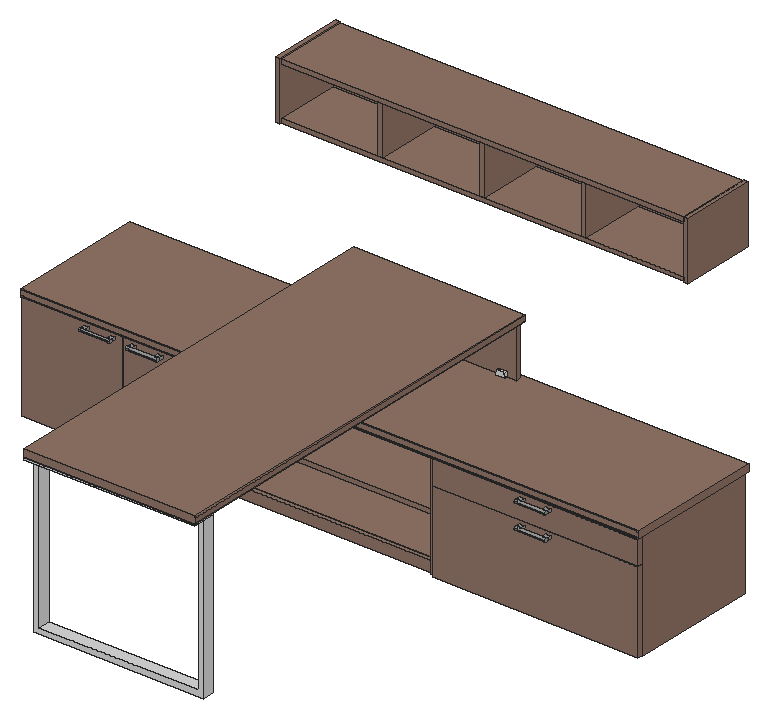
Revit family "JSI-Vision-Typical_Veneer-VSV120", category Furniture, Revit 2020
Family settings
  OmniClass Number = 23.40.20.00
  OmniClass Title = General Furniture and Specialties
  Work Plane-Based = No
  Always vertical = Yes
  Cut with Voids When Loaded = No
  Shared = No
  Room Calculation Point = No
Parameters (values of type "VSV120")
  URL = "www.jsifurniture.com"
  Type Comments = "Typical Veneer"  # constant formula
  Model = "VSV120"
  Manufacturer = "JSI"  # constant formula
  Keynote = "12500"
  Default Elevation = 0"
  Assembly Code = "E2020200"
Reference planes (in)
  plane 1 "Center Front/Back": y = 0
  plane 2: z = 0
  plane 3 "Center Left/Right": x = 0
Dimensions and locks (in)
  aligned and locked: level to plane 2
Nested families (in)
  nested 1: "JSI-Vision-Wall_Mount_Cubby" at (-18.125, 0, -7.83825), type "VSV1072WCU, Veneer Wall Mount Cubby 10" x 72""
    with Overall Height 72", Verticall Partition Distance 17 13/16", Ver. Partition Start Distance 17 13/16", Unit Centre 36", Width 72", Overhead Height 0.0696", Height 10.068", Depth 12.996", # of Vertical Partition 3
  nested 2: "JSI-Vision-Rectangle_Desk_Top" at (-15, -72, -1.5685) x (0, 1, 0) z (0, 0, 1), type "VSV3072MCT, Veneer Rectangular Desk Top, 30" x 72""
    with Width 72"
  nested 3: "JSI-Vision-Bench_Height_Support_with_Metal_Braces" at (14.96708, -0.8125, 0.4315) x (0, -1, 0) z (0, 0, 1), type "VSVB1030ASP, Vision Bench Height Support with Metal Braces 8 1/2"H, 30"W"
  nested 4: "JSI-Vision-Bench_Height_Modular_Top" at (-54, 0, -0.756), type "VSVB24108MT, Veneer Mod Bench H Top, 24" x 108""
    with Width 108", Depth 24"
  nested 5: "JSI-Vision-Box_File_Modular_Bench_Pedestal" at (18, 0, 0), type "VSVB2436MBF, Veneer BF Modular Bench H Ped"
    with Width 36", Height 18.744", Depth 24"
  nested 6: "JSI-Vision-Hinged_Door_Modular_Bench_Pedestal" at (-54, 0, 0), type "VSVB2436MHD, Veneer 2 Hngd Doors Modular Bench H Ped"
    with Width 36", Height 18.744", Depth 24"
  nested 7: "JSI-Vision-Open_Shelf_Modular_Bench_Pedestal" at (-18, 0, 0), type "VSVB2436MOS, Veneer OS Modular Bench H Ped"
    with Width 36", Height 18.744", Depth 24"
  nested 8: "JSI-Vision-Metal_Rectangular_Base" at (-14.90625, -69, 0) x (0, 1, 0) z (0, 0, 1), type "VSB3028FSQ, Metal Rectangular Base for Peninsula 28 5/16"H"
  nested 9: "JSI-Vision-Support_Rail_Work_Surface" at (-1, -65.57047, 0.61928) x (0, 1, 0) z (0, 0, 1), type "GP0255SB, Metal Support Rail for Work Surface  2W 55 L 3/4H"
Definition of nested family "JSI-Vision-Wall_Mount_Cubby"
  Parameters (values of type "Type Catalog")
    Verticall Partition Distance = if(Width > 47", ((Width - 3/4" - 3/4" - (# of Vertical Partition * 3/4")) / (# of Vertical Partition + 1) + 3/4"), 0")  # 17 3/4"
    Ver. Partition Start Distance = if(Width < 48", (Unit Centre - 3/8"), Verticall Partition Distance)  # 17 3/4"
    Unit Centre = Width / 2  # 27"
    Width = 54"
    URL = "www.jsifurniture.com"
    Type Comments = ""
    Tag = "Open"
    Series = "Vision Casegoods"  # constant formula
    Overhead Height = 1/16"
    Overall Height [instance] = 72"
    Model = "Type Catalog"
    Material = ""
    Manufacturer = "JSI"  # constant formula
    Keynote = "12500"
    JSI Enviromental Website = "http://www.svxfurniture.com/svx_sustainability_intro.php"
    Height = 10"
    Description = "Type Catalog"
    Depth = 13"
    Default Elevation = 0"
    Chassis = none
    Assembly Code = "E2020200"
    # of Vertical Partition = if(Width > 89", 5, (if(Width > 77", 4, (if(Width > 59", 3, (if(Width > 47", 2, 2)))))))  # 2
  Reference planes (in)
    plane 1 "Center Front/Back": y = 0
    plane 2: z = 0
    plane 3 "Center Left/Right": x = 0
    plane 4: z = 0
    plane 5: y = -0.125
    plane 6: x = 54.25
    plane 7: x = 0.125
    plane 8: x = 54.125
    plane 9: y = -13.21875
    plane 10: z = 72
    plane 11: x = 0.875
    plane 12: x = 53.375
    plane 13: y = -0.9375
    plane 14: y = -1.6875
    plane 15: z = 71.1875
    plane 16: z = 61.9375
    plane 17: z = 62.6875
    plane 18: z = 61.90625
    plane 19: z = 66
    plane 20: z = 68.1875
    plane 21: z = 69
    plane 22: x = 1.5
    plane 23: x = 52.75
    plane 24: y = -13.125
    plane 25: x = 27.125
    plane 26: z = 71.9375
    plane 27: z = 71.90625
    plane 28: x = 17.875
    plane 29: x = 18.25
    plane 30: x = 18.625
    plane 31: x = 0.5
    plane 32: x = 53.75
  Forms (in)
    Extrusion 1, solid, material <- "Chassis"
      sketch origin (0, 0, 0) x (1, 0, 0) y (0, 1, 0)
        loop
          line (0.125, -0.125) -> (0.125, -13.21875) -> (0.875, -13.21875) -> (0.875, -0.125) -> (0.125, -0.125)
      from 61.90625 to 72
    Extrusion 2, solid, material <- "Chassis"
      sketch origin (0, 0, 0) x (1, 0, 0) y (0, 1, 0)
        loop
          line (54.125, -0.125) -> (53.375, -0.125) -> (53.375, -13.21875) -> (54.125, -13.21875) -> (54.125, -0.125)
      from 61.90625 to 72
    Extrusion 3, solid, material <- "Chassis"
      sketch origin (0, 0, 0) x (1, 0, 0) y (0, 0, 1)
        loop
          line (0.875, 71.9375) -> (0.875, 71.1875) -> (53.375, 71.1875) -> (53.375, 71.9375) -> (0.875, 71.9375)
      from 0.125 to 13.125
    Extrusion 4, solid, material <- "Chassis"
      sketch origin (0, 0, 0) x (1, 0, 0) y (0, 0, 1)
        loop
          line (0.875, 62.6875) -> (0.875, 61.9375) -> (53.375, 61.9375) -> (53.375, 62.6875) -> (0.875, 62.6875)
      from 1.6875 to 13.125
    Extrusion 5, solid, material <- "Chassis"
      sketch origin (130.61992, -0.9375, 48) x (1, 0, 0) y (0, 0, 1)
        loop
          line (-129.74492, 23.1875) -> (-129.74492, 13.9375) -> (-77.24492, 13.9375) -> (-77.24492, 23.1875) -> (-129.74492, 23.1875)
      from 0 to 0.75
    Extrusion 6, solid, material <- "Chassis"
      sketch origin (1.5, -180, 96) x (0, 0, 1) y (0, -1, 0)
        loop
          line (-24.8125, -179.875) -> (-24.8125, -179.0625) -> (-27, -179.0625) -> (-27.8125, -179.875) -> (-24.8125, -179.875)
      from -0.625 to 51.875
    Extrusion 7, solid, material <- "Chassis"
      sketch origin (1.5, -180, 96) x (0, 0, 1) y (0, -1, 0)
        loop
          line (-27, -179.0625) -> (-30, -179.0625) -> (-30, -179.875) -> (-27.8125, -179.875) -> (-27, -179.0625)
      from 0 to 51.25
    Extrusion 8, solid, material <- "Chassis"
      sketch origin (136.18242, -1.6875, 79.90625) x (1, 0, 0) y (0, 0, 1)
        loop
          line (-118.30742, -8.71875) -> (-118.30742, -17.21875) -> (-117.55742, -17.21875) -> (-117.55742, -8.71875) -> (-118.30742, -8.71875)
      from 0 to 11.4375
    Extrusion 9, solid, material <- "Chassis"
      sketch origin (153.93242, -1.6875, 79.90625) x (1, 0, 0) y (0, 0, 1)
        loop
          line (-118.30742, -8.71875) -> (-118.30742, -17.21875) -> (-117.55742, -17.21875) -> (-117.55742, -8.71875) -> (-118.30742, -8.71875)
      from 0 to 11.4375
  Lines and regions (in)
    symbolic lines
      curve 1: line (54.125, -0.125, 0) -> (0.125, -0.125, 0)
      curve 2: line (0.125, -0.125, 0) -> (0.125, -13.21875, 0)
      curve 3: line (54.125, -13.21875, 0) -> (54.125, -0.125, 0)
      curve 4: line (0.125, -13.21875, 0) -> (54.125, -13.21875, 0)
  Dimensions and locks (in)
    locked: plane 3 "Center Left/Right" to plane 7 at 0.125
    locked: plane 8 to plane 6 at 0.125
    locked: plane 5 to plane 1 "Center Front/Back" at 0.125
    locked: plane 7 to plane 11 at 0.75
    locked: plane 12 to plane 8 at 0.75
    plane 14 to plane 13 to plane 5 = 3/4" locked, 13/16" locked
    plane 10 to plane 26 to plane 15 = 1/16" locked, 3/4" locked
    plane 17 to plane 16 to plane 18 = 3/4" locked, 1/32" locked
    locked: plane 11 to plane 22 at 0.625
    locked: plane 23 to plane 12 at 0.625
    plane 15 to plane 21 to plane 20 to plane 19 = 2 3/16" locked, 13/16" locked, 2 3/16" locked
    locked: plane 9 to plane 24 at 0.09375
    "Depth": plane 24 to plane 5
    "Width": plane 7 to plane 8
    "Unit Centre": plane 7 to plane 25
    locked: plane 10 to plane 27 at 0.09375
    "Height": plane 27 to plane 18
    plane 28 to plane 29 to plane 30 = 3/8" locked, 3/8" locked
    locked: plane 7 to plane 31 at 0.375
    locked: plane 32 to plane 8 at 0.375
    group 1 to group 2 = 17 3/4"
    group 1 to group 2 = 0"  (x2)
    "Verticall Partition Distance": Extrusion 8 to Extrusion 9
    "Ver. Partition Start Distance": plane 11 to plane 30
    "Overall Height": plane 10 to level
    aligned and locked: level to plane 2
    aligned and locked: plane 5 to Extrusion 1 sketch curve
    aligned and locked: plane 7 to Extrusion 1 sketch curve
    aligned and locked: Extrusion 1 sketch curve to plane 11
    aligned and locked: Extrusion 2 sketch curve to plane 5
    aligned and locked: plane 8 to Extrusion 2 sketch curve
    aligned and locked: Extrusion 2 sketch curve to plane 12
    aligned and locked: plane 9 to Extrusion 1
    aligned and locked: plane 9 to Extrusion 2
    aligned and locked: Extrusion 4 sketch curve to plane 17
    aligned and locked: plane 11 to Extrusion 4 sketch curve
    aligned and locked: plane 16 to Extrusion 4 sketch curve
    aligned and locked: Extrusion 4 sketch curve to plane 12
    aligned and locked: Extrusion 4 to plane 14
    aligned and locked: Extrusion 1 to Extrusion 5 sketch curve
    aligned and locked: Extrusion 2 to Extrusion 5 sketch curve
    aligned and locked: Extrusion 1 to plane 18
    aligned and locked: Extrusion 2 to plane 18
    aligned and locked: plane 5 to Extrusion 6 sketch curve
    aligned and locked: Extrusion 6 sketch curve to plane 13
    aligned and locked: Extrusion 6 sketch curve to plane 15
    aligned and locked: plane 20 to Extrusion 6 sketch curve
    aligned and locked: plane 21 to Extrusion 6 sketch curve
    aligned and locked: Extrusion 6 to plane 11
    aligned and locked: plane 12 to Extrusion 6
    aligned and locked: Extrusion 7 sketch curve to Extrusion 6
    aligned and locked: Extrusion 7 sketch curve to plane 5
    aligned and locked: plane 13 to Extrusion 7 sketch curve
    aligned and locked: Extrusion 7 sketch curve to plane 19
    aligned and locked: plane 21 to Extrusion 7 sketch curve
    aligned and locked: plane 20 to Extrusion 7 sketch curve
    aligned and locked: Extrusion 7 to plane 22
    aligned and locked: plane 23 to Extrusion 7
    aligned and locked: plane 9 to nested 1
    aligned and locked: plane 10 to Extrusion 1
    aligned and locked: plane 10 to Extrusion 2
    aligned and locked: plane 26 to Extrusion 3
    aligned and locked: Extrusion 3 to plane 15
    aligned and locked: plane 24 to Extrusion 3
    aligned and locked: plane 24 to Extrusion 4
    aligned and locked: Extrusion 5 to plane 16
    aligned and locked: Extrusion 3 to plane 5
    aligned and locked: Extrusion 8 to plane 14
    aligned and locked: plane 24 to Extrusion 8
    aligned and locked: plane 30 to Extrusion 8
    aligned and locked: Extrusion 8 to plane 28
    aligned and locked: plane 15 to Extrusion 8
    aligned and locked: plane 15 to Extrusion 9
    aligned and locked: plane 25 to nested 1
  Automatic sketch dimensions
    Extrusion 3 sketch curve to plane 8 = 3/4"
    Extrusion 3 sketch curve to plane 15 = 0"
    plane 9 to Extrusion 2 sketch curve = 0"
    plane 9 to Extrusion 1 sketch curve = 0"
    curve 2 to plane 7 = 0"
    plane 5 to curve 3 = 0"
    curve 3 to plane 8 = 0"
    plane 9 to curve 4 = 0"
    plane 7 to Extrusion 3 sketch curve = 3/4"
    plane 15 to Extrusion 5 sketch curve = 0"
    Extrusion 3 sketch curve to plane 10 = 1/16"
    Extrusion 8 sketch curve to Extrusion 8 sketch curve = 3/4"
    Extrusion 8 sketch curve to Extrusion 8 sketch curve = 8 1/2"
    Extrusion 9 sketch curve to Extrusion 9 sketch curve = 3/4"
    Extrusion 9 sketch curve to Extrusion 9 sketch curve = 8 1/2"
    Extrusion 5 sketch curve to plane 16 = 0"
  Nested families (in)
    nested 1: "Label 1-16 OH" at (27.125, -13.21875, 0), type "OH DOORS"
  Definition of nested family "Label 1-16 OH"
    Parameters
      Width = 1"
      Model Name = "XX"
    Reference planes (in)
      plane 1: y = 0
      plane 2: x = 0
    Text (in)
      label "XX" at (0.00051, -0.12324, 0), shows "Model Name"
Definition of nested family "JSI-Vision-Rectangle_Desk_Top"
  Parameters (values of type "Type Catalog")
    Worksurface = none
    Width = 42"
    URL = "www.jsifurniture.com"
    Type Comments = ""
    Series = "Vision Casegoods"  # constant formula
    Model = "Type Catalog"
    Material = ""
    Manufacturer = "JSI"  # constant formula
    Keynote = "12500"
    JSI Enviromental Website = "http://www.jsifurniture.com/jsi_sustainability_intro.php"
    Height = 30"
    Description = "Type Catalog"
    Depth = 30"
    Default Elevation = 0"
    Assembly Code = "E2020200"
  Reference planes (in)
    plane 1 "Center Front/Back": y = 0
    plane 2: z = 0
    plane 3 "Center Left/Right": x = 0
    plane 4: z = 0
    plane 5: x = 42
    plane 6: y = -30
    plane 7: z = 31.1875
    plane 8: z = 30
  Forms (in)
    Extrusion 1, solid, material <- "Worksurface"
      sketch origin (0, 0, 28) x (0, 1, 0) y (0, 0, 1)
        loop
          line (-29.88189, 2) -> (0, 2) -> (0, 3.1875) -> (-29.88189, 3.1875)
          arc (-29.88189, 3.1875) -> (-29.96541, 3.15291) -> (-30, 3.06939) r 0.11811
          line (-30, 3.06939) -> (-30, 2.11811)
          arc (-30, 2.11811) -> (-29.96541, 2.03459) -> (-29.88189, 2) r 0.11811
      from 0 to 42
  Lines and regions (in)
    symbolic lines
      curve 1: line (0, 0, 0) -> (42, 0, 0)
      curve 2: line (0, -30, 0) -> (0, 0, 0)
      curve 3: line (42, -30, 0) -> (0, -30, 0)
      curve 4: line (42, 0, 0) -> (42, -30, 0)
  Dimensions and locks (in)
    "Depth": plane 6 to plane 1 "Center Front/Back"
    "Width": plane 5 to plane 3 "Center Left/Right"
    locked: plane 7 to plane 8 at 1.1875
    "Height": plane 8 to level
    aligned and locked: level to plane 2
    aligned and locked: plane 5 to Extrusion 1
    aligned and locked: curve 1 to Extrusion 1
    aligned and locked: curve 2 to Extrusion 1
    aligned and locked: plane 6 to curve 3
    aligned and locked: curve 4 to plane 5
    aligned and locked: Extrusion 1 to plane 8
    aligned and locked: Extrusion 1 to plane 7
  Automatic sketch dimensions
    Extrusion 1 sketch curve to plane 6 = 0"
    level to Extrusion 1 sketch curve = 30"
    Extrusion 1 sketch curve to plane 7 = 0"
    Extrusion 1 sketch curve to plane 1 "Center Front/Back" = 0"
    Extrusion 1 sketch curve to Extrusion 1 sketch curve = 0.11811"
    plane 6 to Extrusion 1 sketch curve = 0.11811"
Definition of nested family "JSI-Vision-Bench_Height_Support_with_Metal_Braces"
  Parameters (values of type "VSVB1030ASP, Vision Bench Height Support with Metal Braces 8 1/2"H, 30"W")
    Width = 30"
    URL = "www.jsifurniture.com"
    Type Comments = ""
    Support Wood Finish = none
    Series = "Vision Casegoods"  # constant formula
    Model = "VSVB1030ASP"
    Material = ""
    Manufacturer = "JSI"  # constant formula
    Keynote = "12500"  # constant formula
    JSI Enviromental Website = "http://www.jsifurniture.com/jsi_sustainability_intro.php"
    Height = 8 1/2"
    Hardware Finish = none
    Description = "Vision Bench Height Support Venner with Metal Braces -  3/4\"D x 30\"W x 8 1/2\"H"
    Depth = 3/4"
    Default Elevation = 0"
    Braces Finish = none
    Assembly Code = "E2020200"
  Types (4): name | Width | Model | Description
    VSTB1030ASP, Vision Bench Height Support with Metal Braces 8 1/2"H, 30"W | 30" | "VSTB1030ASP" | "Vision Bench Height Support Laminate with Metal Braces -  3/4\"D x 30\"W x 8 1/2\"H"
    VSTB1024ASP, Vision Bench Height Support with Metal Braces 8 1/2"H, 30"W | 24" | "VSTB1024ASP" | "Vision Bench Height Support Laminate with Metal Braces -  3/4\"D x 24\"W x 8 1/2\"H"
    VSVB1024ASP, Vision Bench Height Support with Metal Braces 8 1/2"H, 30"W | 24" | "VSVB1024ASP" | "Vision Bench Height Support Venner with Metal Braces -  3/4\"D x 24\"W x 8 1/2\"H"
    VSVB1030ASP, Vision Bench Height Support with Metal Braces 8 1/2"H, 30"W | 30" | "VSVB1030ASP" | "Vision Bench Height Support Venner with Metal Braces -  3/4\"D x 30\"W x 8 1/2\"H"
  Reference planes (in)
    plane 1 "Center Front/Back": y = 0
    plane 2: z = 0
    plane 3 "Center Left/Right": x = 0
    plane 4: z = 0
    plane 5: z = 19.5
    plane 6: z = 28
    plane 7: x = 0.75
    plane 8: y = -30
    plane 9: y = -15
    plane 10: y = -15
  Forms (in)
    Extrusion 1, solid, material <- "Support Wood Finish"
      sketch origin (0, 0, 0) x (1, 0, 0) y (0, 1, 0)
        loop
          line (0, -0.1875) -> (0, -29.8125) -> (0.75, -29.8125) -> (0.75, -0.1875) -> (0, -0.1875)
      from 19.5 to 28
    Extrusion 2, solid, material <- "Hardware Finish"
      sketch origin (0, 0, 0) x (0, 1, 0) y (0, 0, 1)
        loop
          arc (-1.86564, 19.52497) -> (-1.84252, 19.53472) -> (-1.83336, 19.55808) r 0.03229
          arc (-1.83336, 19.55808) -> (-1.86769, 19.88335) -> (-1.95317, 20.19905) r 2.05609
          arc (-1.95317, 20.19905) -> (-2.03253, 20.3101) -> (-2.15839, 20.36291) r 0.25
          arc (-2.15839, 20.36291) -> (-2.62208, 20.39096) -> (-3.08578, 20.36291) r 3.84687
          arc (-3.08578, 20.36291) -> (-3.21163, 20.3101) -> (-3.29099, 20.19905) r 0.25
          arc (-3.29099, 20.19905) -> (-3.37647, 19.88335) -> (-3.4108, 19.55808) r 2.05609
          arc (-3.4108, 19.55808) -> (-3.40165, 19.53472) -> (-3.37853, 19.52497) r 0.03229
          line (-3.37853, 19.52497) -> (-1.86564, 19.52497)
        loop
          line (-28.13436, 19.52497) -> (-26.62147, 19.52497)
          arc (-26.62147, 19.52497) -> (-26.59835, 19.53472) -> (-26.5892, 19.55808) r 0.03229
          arc (-26.5892, 19.55808) -> (-26.62353, 19.88335) -> (-26.70901, 20.19905) r 2.05609
          arc (-26.70901, 20.19905) -> (-26.78837, 20.3101) -> (-26.91422, 20.36291) r 0.25
          arc (-26.91422, 20.36291) -> (-27.37792, 20.39096) -> (-27.84161, 20.36291) r 3.84687
          arc (-27.84161, 20.36291) -> (-27.96747, 20.3101) -> (-28.04683, 20.19905) r 0.25
          arc (-28.04683, 20.19905) -> (-28.13231, 19.88335) -> (-28.16664, 19.55808) r 2.05609
          arc (-28.16664, 19.55808) -> (-28.15748, 19.53472) -> (-28.13436, 19.52497) r 0.03229
      from 0.75 to 1.30712
    Extrusion 3, solid, material <- "Braces Finish"
      sketch origin (0, 0, 0) x (0, 1, 0) y (0, 0, 1)
        loop
          line (-10.4375, 25.78125) -> (-10.4375, 27.875)
          arc (-10.4375, 27.875) -> (-10.47411, 27.96339) -> (-10.5625, 28) r 0.125
          line (-10.5625, 28) -> (-11.3125, 28) -> (-11.3125, 27.943) -> (-10.55504, 27.943)
          arc (-10.55504, 27.943) -> (-10.51223, 27.92527) -> (-10.4945, 27.88246) r 0.06054
          line (-10.4945, 27.88246) -> (-10.4945, 25.78125) -> (-10.4375, 25.78125)
        loop
          line (-19.5625, 25.78125) -> (-19.5055, 25.78125) -> (-19.5055, 27.88246)
          arc (-19.5055, 27.88246) -> (-19.48777, 27.92527) -> (-19.44496, 27.943) r 0.06054
          line (-19.44496, 27.943) -> (-18.6875, 27.943) -> (-18.6875, 28) -> (-19.4375, 28)
          arc (-19.4375, 28) -> (-19.52589, 27.96339) -> (-19.5625, 27.875) r 0.125
          line (-19.5625, 27.875) -> (-19.5625, 25.78125)
      from 0.75 to 2.96875
    Extrusion 4, solid, material <- "Braces Finish"
      sketch origin (0, 0, 0) x (1, 0, 0) y (0, 1, 0)
        loop
          line (0.807, -10.4945) -> (0.75, -10.4945) -> (0.75, -11.3125) -> (0.807, -11.3125) -> (0.807, -10.4945)
        loop
          line (0.807, -19.5055) -> (0.807, -18.6875) -> (0.75, -18.6875) -> (0.75, -19.5055) -> (0.807, -19.5055)
      from 25.78125 to 27.75
    Extrusion 5, void
      sketch origin (0, 3, 0) x (1, 0, 0) y (0, 0, 1)
        loop
          line (2.96875, 28) -> (0.75, 25.78125) -> (0.75, 25.71714) -> (3.02938, 25.71714) -> (3.02938, 28) -> (2.96875, 28)
      from 12.98977 to 14.8125
    Extrusion 6, void
      sketch origin (0, -27, 0) x (1, 0, 0) y (0, 0, -1)
        loop
          line (2.96875, -28) -> (3.02938, -28) -> (3.02938, -25.71714) -> (0.75, -25.71714) -> (0.75, -25.78125) -> (2.96875, -28)
      from 6.98977 to 8.8125
  Cuts and joins
    Extrusion 5, Extrusion 6 cuts Extrusion 3
    joined: Extrusion 3, Extrusion 4
  Lines and regions (in)
    symbolic lines
      curve 1: line (0, -0.1875, 0) -> (0.75, -0.1875, 0)
      curve 2: line (0, -29.8125, 0) -> (0, -0.1875, 0)
      curve 3: line (0.75, -29.8125, 0) -> (0, -29.8125, 0)
      curve 4: line (0.75, -0.1875, 0) -> (0.75, -29.8125, 0)
      curve 5: line (0.75, -1.83336, 0) -> (1.30712, -1.83336, 0)
      curve 6: line (1.30712, -1.83336, 0) -> (1.30712, -3.4108, 0)
      curve 7: line (1.30712, -3.4108, 0) -> (0.75, -3.4108, 0)
      curve 8: line (0.75, -26.5892, 0) -> (1.30712, -26.5892, 0)
      curve 9: line (1.30712, -26.5892, 0) -> (1.30712, -28.16665, 0)
      curve 10: line (1.30712, -28.16665, 0) -> (0.75, -28.16665, 0)
      curve 11: line (2.96875, -18.6875, 0) -> (0.75, -18.6875, 0)
      curve 12: line (2.96875, -19.44805, 0) -> (2.96875, -18.6875, 0)
      curve 13: spline (2.84403, -19.5599, 0) -> (2.8574, -19.56165, 0) -> (2.87081, -19.56114, 0) -> (2.88409, -19.55836, 0) -> (2.89704, -19.55337, 0) -> (2.90947, -19.54623, 0) -> (2.92122, -19.53704, 0) -> (2.9321, -19.52593, 0) -> (2.94197, -19.51307, 0) -> (2.95069, -19.49864, 0) -> (2.95812, -19.48284, 0) -> (2.96417, -19.46589, 0) -> (2.96875, -19.44805, 0)
      curve 14: line (0.75, -19.5625, 0) -> (2.84375, -19.5625, 0)
      curve 15: line (2.84375, -10.4375, 0) -> (0.75, -10.4375, 0)
      curve 16: spline (2.96875, -10.55195, 0) -> (2.96417, -10.53411, 0) -> (2.95812, -10.51716, 0) -> (2.95069, -10.50136, 0) -> (2.94197, -10.48693, 0) -> (2.9321, -10.47407, 0) -> (2.92122, -10.46296, 0) -> (2.90947, -10.45377, 0) -> (2.89704, -10.44663, 0) -> (2.88409, -10.44164, 0) -> (2.87081, -10.43886, 0) -> (2.8574, -10.43835, 0) -> (2.84403, -10.4401, 0)
      curve 17: line (2.96875, -11.3125, 0) -> (2.96875, -10.55195, 0)
      curve 18: line (0.75, -11.3125, 0) -> (2.96875, -11.3125, 0)
  Dimensions and locks (in)
    "Depth": plane 3 "Center Left/Right" to plane 7
    "Width": plane 1 "Center Front/Back" to plane 8
    locked: Extrusion 1 sketch curve to plane 1 "Center Front/Back" at 0.1875
    locked: Extrusion 1 sketch curve to plane 8 at 0.1875
    "Height": plane 6 to plane 5
    locked: plane 5 to plane 4 at 19.5
    plane 1 "Center Front/Back" to Extrusion 2 sketch curve to Extrusion 2 sketch curve to Extrusion 2 sketch curve to Extrusion 2 sketch curve to Extrusion 2 sketch curve to Extrusion 2 sketch curve to Extrusion 2 sketch curve = 1.35538" locked, 0.51026" locked, 0.32289" locked, 0.43356" locked, 0.43356" locked, 0.32289" locked, 0.51026" locked
    Extrusion 2 sketch curve to Extrusion 2 sketch curve to Extrusion 2 sketch curve to plane 5 to Extrusion 2 sketch curve = 0.55747" locked, 0.05169" locked, 0.00556" locked, 2.95591" locked  (x2)
    Extrusion 2 sketch curve to Extrusion 2 sketch curve to Extrusion 2 sketch curve to Extrusion 2 sketch curve to Extrusion 2 sketch curve to Extrusion 2 sketch curve to Extrusion 2 sketch curve to plane 8 = 0.51026" locked, 0.32289" locked, 0.43356" locked, 0.43356" locked, 0.32289" locked, 0.51026" locked, 1.35538" locked
    locked: Extrusion 2 to plane 7 at 0.55712
    locked: Extrusion 3 to plane 7 at 2.21875
    locked: Extrusion 1 to Extrusion 4 sketch curve at 0.057
    Extrusion 3 sketch curve to Extrusion 3 sketch curve to Extrusion 3 sketch curve to plane 10 to Extrusion 3 sketch curve to Extrusion 3 sketch curve to Extrusion 3 sketch curve = 0.057" locked, 0.818" locked, 3 11/16" locked, 3 11/16" locked, 0.818" locked, 0.057" locked
    plane 6 to Extrusion 3 sketch curve to Extrusion 3 sketch curve = 0.057" locked, 2.16175" locked
    Extrusion 4 sketch curve to Extrusion 4 sketch curve to plane 9 to Extrusion 4 sketch curve to Extrusion 4 sketch curve = 0.818" locked, 3 11/16" locked, 3 11/16" locked, 0.818" locked
    equal spacing: plane 8, plane 9, plane 1 "Center Front/Back"
    equal spacing: plane 8, plane 10, plane 1 "Center Front/Back"
    Extrusion 5 to Extrusion 5 to plane 10 to Extrusion 6 to Extrusion 6 = 1.82273" locked, 3 3/16" locked, 3 3/16" locked, 1.82273" locked
    aligned and locked: level to plane 2
    aligned and locked: plane 3 "Center Left/Right" to Extrusion 1 sketch curve
    aligned and locked: plane 7 to Extrusion 1 sketch curve
    aligned and locked: plane 6 to Extrusion 1
    aligned and locked: Extrusion 1 to plane 5
    aligned and locked: plane 7 to Extrusion 2
    aligned and locked: plane 7 to Extrusion 3
    aligned and locked: Extrusion 4 sketch curve to Extrusion 1
    aligned and locked: Extrusion 4 to Extrusion 3
    aligned and locked: plane 6 to Extrusion 3 sketch curve
    aligned and locked: Extrusion 3 sketch curve to plane 6
    aligned and locked: Extrusion 3 sketch curve to Extrusion 3 sketch curve
    aligned and locked: curve 1 to Extrusion 1
    aligned and locked: curve 2 to Extrusion 1
    aligned and locked: curve 3 to Extrusion 1
    aligned and locked: curve 4 to Extrusion 1
    aligned and locked: curve 11 to cut or joined group of Extrusion 3, Extrusion 4, Extrusion 5, Extrusion 6
    aligned and locked: curve 14 to cut or joined group of Extrusion 3, Extrusion 4, Extrusion 5, Extrusion 6
    aligned and locked: cut or joined group of Extrusion 3, Extrusion 4, Extrusion 5, Extrusion 6 to curve 15
    aligned and locked: curve 18 to cut or joined group of Extrusion 3, Extrusion 4, Extrusion 5, Extrusion 6
  Automatic sketch dimensions
    curve 8 to curve 9 = 0.55712"
    curve 7 to curve 7 = 0.55712"
    curve 11 to curve 11 = 2 7/32"
    curve 3 to curve 10 = 1.64585"
    curve 9 to curve 8 = 1.57745"
    curve 14 to curve 12 = 0.11445"
    curve 17 to curve 15 = 0.11445"
    curve 7 to curve 1 = 3.2233"
    curve 6 to curve 5 = 1.57744"
    curve 14 to curve 12 = 1/8"
    curve 15 to curve 16 = 1/8"
    curve 14 to curve 13 = 0.00028"
    curve 15 to curve 16 = 0.00028"
    curve 16 to curve 16 = 0.01703"
    curve 13 to curve 13 = 0.01703"
    curve 14 to curve 13 = 0.00076"
    curve 14 to curve 13 = 0.0026"
    curve 16 to curve 16 = 0.04517"
    curve 16 to curve 15 = 0.0026"
    plane 5 to Extrusion 2 sketch curve = 0.00556"  (x2)
    plane 5 to Extrusion 2 sketch curve = 0.02497"  (x2)
    Extrusion 2 sketch curve to Extrusion 2 sketch curve = 0.03229"  (x2)
    plane 5 to Extrusion 2 sketch curve = 0.61473"  (x2)
    Extrusion 2 sketch curve to Extrusion 2 sketch curve = 0"  (x10)
    Extrusion 3 sketch curve to plane 6 = 0.057"
    Extrusion 3 sketch curve to Extrusion 3 sketch curve = 0.06054"
    Extrusion 3 sketch curve to Extrusion 3 sketch curve = 0.00746"  (x2)
    Extrusion 3 sketch curve to Extrusion 3 sketch curve = 0.068"
    Extrusion 4 sketch curve to plane 7 = 0"
    Extrusion 4 sketch curve to plane 7 = 0.057"
    plane 7 to Extrusion 5 sketch curve = 0"
    Extrusion 5 sketch curve to plane 6 = 0"
    Extrusion 5 sketch curve to plane 7 = 2 7/32"
    Extrusion 5 sketch curve to Extrusion 5 sketch curve = 0.06063"
    Extrusion 5 sketch curve to plane 6 = 2 7/32"
    Extrusion 5 sketch curve to Extrusion 5 sketch curve = 0.06411"
    plane 7 to Extrusion 6 sketch curve = 0"
    Extrusion 6 sketch curve to plane 6 = 0"
    Extrusion 6 sketch curve to plane 7 = 2 7/32"
    Extrusion 6 sketch curve to Extrusion 6 sketch curve = 0.06063"
    Extrusion 6 sketch curve to plane 6 = 2 7/32"
    Extrusion 6 sketch curve to Extrusion 6 sketch curve = 0.06411"
    curve 18 to curve 17 = 2 7/32"
Definition of nested family "JSI-Vision-Bench_Height_Modular_Top"
  Parameters (values of type "Type Catalog")
    Worksurface = none
    Width = 42"
    URL = "www.jsifurniture.com"
    Type Comments = ""
    Series = "Vision Casegoods"  # constant formula
    Model = "Type Catalog"
    Material = ""
    Manufacturer = "JSI"  # constant formula
    Keynote = "12500"
    JSI Enviromental Website = "http://www.jsifurniture.com/jsi_sustainability_intro.php"
    Height = 19 1/2"
    Description = "Type Catalog"
    Depth = 30"
    Default Elevation = 0"
    Assembly Code = "E2020200"
  Reference planes (in)
    plane 1 "Center Front/Back": y = 0
    plane 2: z = 0
    plane 3 "Center Left/Right": x = 0
    plane 4: z = 0
    plane 5: x = 42
    plane 6: y = -30
    plane 7: z = 20.6875
    plane 8: z = 19.5
  Forms (in)
    Extrusion 1, solid, material <- "Worksurface"
      sketch origin (0, 0, 28) x (0, 1, 0) y (0, 0, 1)
        loop
          line (-29.88189, -8.5) -> (0, -8.5) -> (0, -7.3125) -> (-29.88189, -7.3125)
          arc (-29.88189, -7.3125) -> (-29.96541, -7.34709) -> (-30, -7.43061) r 0.11811
          line (-30, -7.43061) -> (-30, -8.38189)
          arc (-30, -8.38189) -> (-29.96541, -8.46541) -> (-29.88189, -8.5) r 0.11811
      from 0 to 42
  Lines and regions (in)
    symbolic lines
      curve 1: line (0, 0, 0) -> (42, 0, 0)
      curve 2: line (0, -30, 0) -> (0, 0, 0)
      curve 3: line (42, -30, 0) -> (0, -30, 0)
      curve 4: line (42, 0, 0) -> (42, -30, 0)
  Dimensions and locks (in)
    "Depth": plane 6 to plane 1 "Center Front/Back"
    "Width": plane 5 to plane 3 "Center Left/Right"
    locked: plane 7 to plane 8 at 1.1875
    "Height": plane 8 to level
    aligned and locked: level to plane 2
    aligned and locked: plane 5 to Extrusion 1
    aligned and locked: curve 1 to Extrusion 1
    aligned and locked: curve 2 to Extrusion 1
    aligned and locked: plane 6 to curve 3
    aligned and locked: curve 4 to plane 5
    aligned and locked: Extrusion 1 to plane 8
    aligned and locked: Extrusion 1 to plane 7
  Automatic sketch dimensions
    Extrusion 1 sketch curve to plane 6 = 0"
    level to Extrusion 1 sketch curve = 19 1/2"
    Extrusion 1 sketch curve to plane 7 = 0"
    Extrusion 1 sketch curve to plane 1 "Center Front/Back" = 0"
    Extrusion 1 sketch curve to Extrusion 1 sketch curve = 0.11811"
    plane 6 to Extrusion 1 sketch curve = 0.11811"
Definition of nested family "JSI-Vision-Box_File_Modular_Bench_Pedestal"
  Parameters (values of type "Type Catalog")
    Width = 18"
    URL = "www.jsifurniture.com"
    Top = none
    Tag = "BF"
    Series = "Vision Casegoods"  # constant formula
    Pull Finish = none
    Model = "Type Catalog"
    Manufacturer = "JSI"  # constant formula
    Keynote = "12500"
    JSI Enviromental Website = "http://www.jsifurniture.com/jsi_sustainability_intro.php"
    Height = 18 3/4"
    Description = "Type Catalog"
    Depth = 18"
    Default Elevation = 0"
    Chassis = none
    Drawer Front = none
    Assembly Code = "E2020200"
  Reference planes (in)
    plane 1 "Center Front/Back": y = 0
    plane 2: z = 0
    plane 3 "Center Left/Right": x = 0
    plane 4: x = 18
    plane 5: y = -17.12
    plane 6: y = -17.25
    plane 7: x = 0.0625
    plane 8: x = 17.9375
    plane 9: y = -18
    plane 10: z = 0.14
    plane 11: z = 14.3909
    plane 12: z = 14.5159
    plane 13: x = 0.75
    plane 14: x = 17.25
    plane 15: y = -0.75
    plane 16: y = -16.37913
    plane 17: x = 9
    plane 18: z = 18.75
    plane 19: z = 18.6409
    plane 20: z = 18
  Forms (in)
    Extrusion 1, solid, material <- "Chassis"
      sketch origin (0.125, -0.1875, 48) x (0, 1, 0) y (0, 0, 1)
        loop
          line (-0.5625, -29.25) -> (-16.9325, -29.25) -> (-16.9325, -48) -> (-0.5625, -48) -> (-0.5625, -29.25)
      from -0.125 to 0.625
    Extrusion 2, solid, material <- "Chassis"
      sketch origin (29.875, -0.1875, 48) x (0, 1, 0) y (0, 0, 1)
        loop
          line (-0.5625, -29.25) -> (-16.9325, -29.25) -> (-16.9325, -48) -> (-0.5625, -48) -> (-0.5625, -29.25)
      from -12.625 to -11.875
    Extrusion 3, solid, material <- "Drawer Front"
      sketch origin (0, 0, 0) x (1, 0, 0) y (0, 0, 1)
        loop
          line (0.0625, 18.6409) -> (0.0625, 14.5159) -> (17.9375, 14.5159) -> (17.9375, 18.6409) -> (0.0625, 18.6409)
        loop
          line (0.0625, 14.3909) -> (0.0625, 0.14) -> (17.9375, 0.14) -> (17.9375, 14.3909) -> (0.0625, 14.3909)
      from 17.25 to 18
    Extrusion 4, solid, material <- "Chassis"
      sketch origin (0, 0, 0) x (1, 0, 0) y (0, 1, 0)
        loop
          line (0.75, -16.37913) -> (0.75, -17.12) -> (17.25, -17.12) -> (17.25, -16.37913) -> (0.75, -16.37913)
      from 0 to 1.9375
    Extrusion 5, solid, material <- "Top"
      sketch origin (0, 0, 0) x (0, 1, 0) y (0, 0, 1)
        loop
          line (-1.5, 18.75) -> (-17.12, 18.75) -> (-17.12, 18) -> (-1.5, 18) -> (-1.5, 18.75)
      from 0.75 to 17.25
    Extrusion 6, solid, material <- "Chassis"
      sketch origin (0, 0, 0) x (0, 1, 0) y (0, 0, 1)
        loop
          line (-1.5, 13.75) -> (-0.75, 13.75) -> (-0.75, 18.75) -> (-1.5, 18.75) -> (-1.5, 13.75)
        loop
          line (-1.5, 0) -> (-0.75, 0) -> (-0.75, 5) -> (-1.5, 5) -> (-1.5, 0)
      from 0.75 to 17.25
  Lines and regions (in)
    symbolic lines
      curve 1: line (0, 0, 0) -> (18, 0, 0)
      curve 2: line (0, -17.12, 0) -> (0, 0, 0)
      curve 3: line (18, -17.12, 0) -> (0, -17.12, 0)
      curve 4: line (18, 0, 0) -> (18, -17.12, 0)
      curve 5: line (0.0625, -17.25, 0) -> (17.9375, -17.25, 0)
      curve 6: line (0.0625, -18, 0) -> (0.0625, -17.25, 0)
      curve 7: line (17.9375, -18, 0) -> (0.0625, -18, 0)
      curve 8: line (17.9375, -17.25, 0) -> (17.9375, -18, 0)
  Dimensions and locks (in)
    plane 16 to plane 5 to plane 6 to plane 9 = 0.74087" locked, 0.13" locked, 3/4" locked
    "Depth": plane 1 "Center Front/Back" to plane 9
    locked: plane 19 to plane 18 at 0.1091
    "Width": plane 3 "Center Left/Right" to plane 4
    equal spacing: plane 3 "Center Left/Right", plane 17, plane 4
    plane 1 "Center Front/Back" to plane 15 = 3/4"
    "Height": plane 18 to level
    locked: plane 18 to plane 20 at 0.75
    locked: plane 12 to plane 11 at 0.125
    plane 19 to plane 12 to plane 10 to plane 2 = 4 1/8" locked, 14.3759" locked, 0.14" locked
    plane 3 "Center Left/Right" to plane 7 to plane 13 = 1/16" locked, 11/16" locked
    plane 14 to plane 8 to plane 4 = 11/16" locked, 1/16" locked
    locked: Extrusion 6 sketch curve to plane 2 at 5
    locked: Extrusion 6 sketch curve to plane 18 at 5
    locked: plane 15 to Extrusion 6 sketch curve at 0.75
    locked: Extrusion 3 to nested 2 at 0.75
    locked: Extrusion 3 to nested 1 at 0.75
    aligned and locked: level to plane 2
    aligned and locked: plane 15 to Extrusion 1 sketch curve
    aligned and locked: Extrusion 1 sketch curve to plane 5
    aligned and locked: Extrusion 1 sketch curve to level
    aligned and locked: plane 13 to Extrusion 1
    aligned and locked: Extrusion 2 sketch curve to plane 15
    aligned and locked: level to Extrusion 2 sketch curve
    aligned and locked: plane 5 to Extrusion 2 sketch curve
    aligned and locked: Extrusion 3 sketch curve to plane 7  (x2)
    aligned and locked: plane 8 to Extrusion 3 sketch curve  (x2)
    aligned and locked: plane 12 to Extrusion 3 sketch curve
    aligned and locked: Extrusion 3 sketch curve to plane 11
    aligned and locked: plane 10 to Extrusion 3 sketch curve
    aligned and locked: Extrusion 3 to plane 9
    aligned and locked: plane 6 to Extrusion 3
    aligned and locked: Extrusion 4 sketch curve to plane 16
    aligned and locked: plane 13 to Extrusion 4 sketch curve
    aligned and locked: nested 1 to plane 9
    aligned and locked: nested 2 to plane 9
    aligned and locked: nested 2 to plane 17
    aligned and locked: nested 1 to plane 17
    aligned and locked: plane 17 to nested 3
    aligned and locked: nested 3 to plane 9
    aligned and locked: plane 18 to Extrusion 2
    aligned and locked: plane 18 to Extrusion 1
    aligned and locked: plane 19 to Extrusion 3 sketch curve
    aligned and locked: Extrusion 1 to plane 3 "Center Left/Right"
    aligned and locked: plane 3 "Center Left/Right" to curve 2
    aligned and locked: plane 1 "Center Front/Back" to curve 1
    aligned and locked: plane 4 to Extrusion 2
    aligned and locked: curve 4 to plane 4
    aligned and locked: Extrusion 5 sketch curve to plane 18
    aligned and locked: Extrusion 2 to plane 14
    aligned and locked: Extrusion 5 to plane 5
    aligned and locked: plane 14 to Extrusion 5
    aligned and locked: Extrusion 6 sketch curve to Extrusion 6 sketch curve  (x2)
    aligned and locked: plane 15 to Extrusion 6 sketch curve
    aligned and locked: plane 18 to Extrusion 6 sketch curve
    aligned and locked: Extrusion 6 sketch curve to plane 2
    aligned and locked: Extrusion 6 to Extrusion 5 sketch curve
    aligned and locked: Extrusion 6 to plane 13
    aligned and locked: plane 14 to Extrusion 6
  Automatic sketch dimensions
    Extrusion 4 sketch curve to plane 5 = 0"
    Extrusion 4 sketch curve to plane 14 = 0"
    curve 6 to plane 6 = 0"
    curve 6 to plane 7 = 0"
    curve 5 to plane 8 = 0"
    curve 6 to plane 9 = 0"
    curve 2 to plane 5 = 0"
    Extrusion 1 sketch curve to plane 18 = 0"
    Extrusion 2 sketch curve to plane 18 = 0"
    Extrusion 5 sketch curve to Extrusion 5 sketch curve = 3/4"
    plane 9 to Extrusion 5 sketch curve = 0.88"
  Nested families (in)
    nested 1: "Bar Pull" at (9, -18, 13.6409), Pull Finish <- "Pull Finish", type "PL"
      with Pull Finish none
    nested 2: "Bar Pull" at (9, -18, 17.8909), Pull Finish <- "Pull Finish", type "PL"
      with Pull Finish none
    nested 3: "Label 1-16" at (9, -18, 0), type "DRWCFG"
  Definition of nested family "Bar Pull"
    Parameters
      Pull Finish [instance] = none
      Default Elevation = 0"
    Reference planes (in)
      plane 1 "Center Front/Back": y = 0
      plane 2: z = 0
      plane 3 "Center Left/Right": x = 0
      plane 4: x = -2.68731
      plane 5: x = -1.88731
      plane 6: x = 2.68731
      plane 7: x = 1.88731
      plane 8: y = -1
      plane 9: y = -0.85202
    Forms (in)
      Extrusion 1, solid, material <- "Pull Finish"
        sketch origin (0, 0, 0) x (0, 1, 0) y (0, 0, 1)
          loop
            line (0, -0.2015) -> (0, 0.2015) -> (-0.85202, 0.2015)
            arc (-0.85202, 0.2015) -> (-0.75, 0) -> (-0.85202, -0.2015) r 0.25
            line (-0.85202, -0.2015) -> (0, -0.2015)
        from 1.88731 to 2.68731
      Extrusion 2, solid, material <- "Pull Finish"
        sketch origin (0, 0, 0) x (0, 1, 0) y (0, 0, 1)
          loop
            circle (-1, 0) r 0.25
        from -2.68731 to 2.68731
      Extrusion 3, solid, material <- "Pull Finish"
        sketch origin (0, 0, 0) x (0, 1, 0) y (0, 0, -1)
          loop
            line (0, 0.2015) -> (-0.85202, 0.2015)
            arc (-0.85202, 0.2015) -> (-0.75, 0) -> (-0.85202, -0.2015) r 0.25
            line (-0.85202, -0.2015) -> (0, -0.2015) -> (0, 0.2015)
        from 1.88731 to 2.68731
    Dimensions and locks (in)
      plane 4 to plane 5 to plane 3 "Center Left/Right" to plane 7 to plane 6 = 0.8" locked, 1.88731" locked, 1.88731" locked, 0.8" locked
      plane 8 to plane 9 to plane 1 "Center Front/Back" = 0.14798" locked, 0.85202" locked
      aligned and locked: level to plane 2
      aligned and locked: plane 4 to Extrusion 3
      aligned and locked: Extrusion 3 to plane 5
      aligned and locked: plane 4 to Extrusion 2
      aligned and locked: Extrusion 1 to plane 7
      aligned and locked: plane 6 to Extrusion 1
      aligned and locked: plane 6 to Extrusion 2
      aligned and locked: plane 8 to Extrusion 2 sketch curve
      aligned and locked: Extrusion 3 to plane 1 "Center Front/Back"
      aligned and locked: Extrusion 1 to plane 1 "Center Front/Back"
      aligned and locked: plane 5 to Extrusion 3
      aligned and locked: Extrusion 3 to plane 4
      aligned and locked: Extrusion 2 to plane 4
      aligned and locked: plane 7 to Extrusion 1
      aligned and locked: Extrusion 1 to plane 6
      aligned and locked: Extrusion 2 to plane 6
  Definition of nested family "Label 1-16"
    Parameters
      Width = 1"
      Model Name = "FF"
    Reference planes (in)
      plane 1: y = 0
      plane 2: x = 0
    Text (in)
      label "XX" at (0.00051, -0.12324, 0), shows "Model Name"
Definition of nested family "JSI-Vision-Hinged_Door_Modular_Bench_Pedestal"
  Parameters (values of type "Type Catalog")
    Width = 30"
    URL = "www.jsifurniture.com"
    Top = none
    Tag = "DOOR"
    Series = "Vision Casegoods"  # constant formula
    Pull Finish = none
    Model = "Type Catalog"
    Manufacturer = "JSI"  # constant formula
    Keynote = "12500"
    JSI Enviromental Website = "http://www.jsifurniture.com/jsi_sustainability_intro.php"
    Height = 18 3/4"
    Door Front = none
    Description = "Type Catalog"
    Depth = 18"
    Default Elevation = 0"
    Chassis = none
    Assembly Code = "E2020200"
  Reference planes (in)
    plane 1 "Center Front/Back": y = 0
    plane 2: z = 0
    plane 3 "Center Left/Right": x = 0
    plane 4: x = 30
    plane 5: x = 0.18716
    plane 6: x = 29.81244
    plane 7: z = 10.33219
    plane 8: x = 0.75
    plane 9: x = 29.126
    plane 10: y = -0.8125
    plane 11: y = -17.25
    plane 12: x = 15
    plane 13: z = 18.8591
    plane 14: z = 18.75
    plane 15: z = 9.58219
    plane 16: z = 1.9375
    plane 17: z = 1.1875
    plane 18: y = -17
    plane 19: y = -18
    plane 20: y = -16.125
    plane 21: z = 0.14
    plane 22: x = 14.875
    plane 23: x = 15.125
    plane 24: z = 18
    plane 25: x = 10.875
    plane 26: x = 19.125
    plane 27: z = 18.1091
  Forms (in)
    Extrusion 1, solid, material <- "Chassis"
      sketch origin (0.125, -0.1875, 48) x (0, 1, 0) y (0, 0, 1)
        loop
          line (0.1875, -29.1409) -> (-17.0625, -29.1409) -> (-17.0625, -48) -> (0.1875, -48) -> (0.1875, -29.1409)
      from -0.125 to 0.625
    Extrusion 2, solid, material <- "Chassis"
      sketch origin (29.875, -0.1875, 48) x (0, 1, 0) y (0, 0, 1)
        loop
          line (0.1875, -29.1409) -> (-17.0625, -29.1409) -> (-17.0625, -48) -> (0.1875, -48) -> (0.1875, -29.1409)
      from -0.749 to 0.125
    Extrusion 3, solid, material <- "Chassis"
      sketch origin (0, 0, 0) x (1, 0, 0) y (0, 1, 0)
        loop
          line (0.75, -16.125) -> (0.75, -17) -> (29.126, -17) -> (29.126, -16.125) -> (0.75, -16.125)
      from 0 to 1.1875
    Extrusion 4, solid, material <- "Chassis"
      sketch origin (0, 0, 0) x (0, 1, 0) y (0, 0, 1)
        loop
          line (0, 18.27881) -> (0, 18.8591) -> (-17.25, 18.8591) -> (-17.25, 18.27881) -> (0, 18.27881)
        loop
          line (0, 1.1875) -> (0, 1.9375) -> (-17, 1.9375) -> (-17, 1.1875) -> (0, 1.1875)
      from 0.75 to 29.126
    Extrusion 5, solid, material <- "Door Front"
      sketch origin (0, 0, 0) x (0, 1, 0) y (0, 0, 1)
        loop
          line (-17.25, 0.14) -> (-17.25, 18.75) -> (-18, 18.75) -> (-18, 0.14) -> (-17.25, 0.14)
      from 0.18716 to 14.875
    Extrusion 6, solid, material <- "Chassis"
      sketch origin (0, 0, 0) x (0, 1, 0) y (0, 0, 1)
        loop
          line (-0.8125, 9.58219) -> (-0.8125, 10.33219) -> (-15.75, 10.33219) -> (-15.75, 9.58219) -> (-0.8125, 9.58219)
      from 0.75 to 29.126
    Extrusion 7, solid, material <- "Door Front"
      sketch origin (31.625, 0, -0.16781) x (0, 1, 0) y (0, 0, -1)
        loop
          line (-17.25, -0.30781) -> (-18, -0.30781) -> (-18, -18.91781) -> (-17.25, -18.91781) -> (-17.25, -0.30781)
      from 1.81256 to 16.5
    Extrusion 8, solid, material <- "Chassis"
      sketch origin (0, 0, 0) x (0, 1, 0) y (0, 0, 1)
        loop
          line (0, 18.27881) -> (-0.25, 18.27881) -> (-0.25, 1.9375) -> (0, 1.9375) -> (0, 18.27881)
      from 0.75 to 29.126
  Lines and regions (in)
    symbolic lines
      curve 1: line (0, 0, 0) -> (30, 0, 0)
      curve 2: line (0, -17.875, 0) -> (0, 0, 0)
      curve 3: line (30, -17.875, 0) -> (0, -17.875, 0)
      curve 4: line (30, 0, 0) -> (30, -17.875, 0)
  Dimensions and locks (in)
    locked: plane 14 to plane 13 at 0.1091
    plane 9 to plane 6 to plane 4 = 0.68644" locked, 0.18756" locked
    plane 3 "Center Left/Right" to plane 5 to plane 8 = 0.18716" locked, 0.56284" locked
    "Width": plane 3 "Center Left/Right" to plane 4
    equal spacing: plane 3 "Center Left/Right", plane 12, plane 4
    locked: plane 1 "Center Front/Back" to plane 10 at 0.8125
    plane 16 to plane 17 to plane 21 to level to plane 2 = 3/4" locked, 1.0475" locked, 0.14", 0"
    "Depth": plane 1 "Center Front/Back" to plane 19
    plane 21 to level = 0.14"
    locked: Extrusion 6 sketch curve to plane 20 at 0.375
    plane 20 to plane 18 to plane 11 to plane 19 = 7/8" locked, 1/4" locked, 3/4" locked
    locked: plane 14 to plane 24 at 0.75
    plane 26 to plane 23 to plane 12 to plane 22 to plane 25 = 4" locked, 1/8" locked, 1/8" locked, 4" locked
    locked: plane 13 to plane 27 at 0.75
    "Height": level to plane 14
    locked: plane 1 "Center Front/Back" to Extrusion 8 sketch curve at 0.25
    aligned and locked: level to plane 2
    aligned and locked: Extrusion 1 sketch curve to level
    aligned and locked: level to Extrusion 2 sketch curve
    aligned and locked: plane 8 to Extrusion 3 sketch curve
    aligned and locked: nested 1 to plane 12
    aligned and locked: plane 3 "Center Left/Right" to curve 2
    aligned and locked: plane 1 "Center Front/Back" to curve 1
    aligned and locked: curve 4 to plane 4
    aligned and locked: plane 13 to Extrusion 4 sketch curve
    aligned and locked: Extrusion 4 sketch curve to plane 11
    aligned and locked: plane 16 to Extrusion 4 sketch curve
    aligned and locked: Extrusion 4 sketch curve to plane 17
    aligned and locked: nested 1 to plane 19
    aligned and locked: plane 17 to Extrusion 3
    aligned and locked: Extrusion 5 sketch curve to plane 14
    aligned and locked: plane 11 to Extrusion 5 sketch curve
    aligned and locked: Extrusion 5 sketch curve to plane 19
    aligned and locked: Extrusion 5 sketch curve to plane 21
    aligned and locked: plane 5 to Extrusion 5
    aligned and locked: plane 10 to Extrusion 6 sketch curve
    aligned and locked: plane 7 to Extrusion 6 sketch curve
    aligned and locked: Extrusion 6 sketch curve to plane 15
    aligned and locked: Extrusion 6 to plane 8
    aligned and locked: plane 9 to Extrusion 6
    aligned and locked: plane 22 to Extrusion 5
    aligned and locked: plane 23 to Extrusion 7
    aligned and locked: Extrusion 7 to plane 14
    aligned and locked: Extrusion 7 to plane 6
    aligned and locked: Extrusion 7 to plane 21
    aligned and locked: plane 11 to Extrusion 7
    aligned and locked: Extrusion 7 to plane 19
    aligned and locked: plane 24 to nested 2
    aligned and locked: plane 25 to nested 2
    aligned and locked: nested 3 to plane 24
    aligned and locked: plane 26 to nested 3
    aligned and locked: nested 2 to plane 19
    aligned and locked: plane 19 to nested 3
    aligned and locked: Extrusion 3 to plane 18
    aligned and locked: plane 20 to Extrusion 3
    aligned and locked: Extrusion 2 to plane 1 "Center Front/Back"
    aligned and locked: Extrusion 1 to plane 1 "Center Front/Back"
    aligned and locked: Extrusion 2 to plane 9
    aligned and locked: plane 4 to Extrusion 2
    aligned and locked: Extrusion 4 to plane 1 "Center Front/Back"
    aligned and locked: plane 1 "Center Front/Back" to Extrusion 8 sketch curve
    aligned and locked: Extrusion 8 sketch curve to Extrusion 4
    aligned and locked: plane 16 to Extrusion 8 sketch curve
    aligned and locked: Extrusion 8 to plane 8
    aligned and locked: plane 9 to Extrusion 8
    aligned and locked: plane 9 to Extrusion 4
  Automatic sketch dimensions
    plane 19 to curve 4 = 1/8"
    Extrusion 1 sketch curve to plane 11 = 0"
    Extrusion 1 sketch curve to plane 13 = 0"
    Extrusion 2 sketch curve to plane 11 = 0"
    Extrusion 2 sketch curve to plane 13 = 0"
    Extrusion 3 sketch curve to plane 9 = 0"
    Extrusion 4 sketch curve to plane 18 = 0"
    plane 14 to Extrusion 4 sketch curve = 0.47119"
    Extrusion 7 sketch curve to plane 19 = 0"
    plane 11 to Extrusion 7 sketch curve = 0"
    plane 14 to Extrusion 7 sketch curve = 0"
    plane 21 to Extrusion 7 sketch curve = 0"
    Extrusion 3 sketch curve to plane 20 = 7/8"
    Extrusion 3 sketch curve to Extrusion 3 sketch curve = 7/8"
    plane 10 to Extrusion 2 sketch curve = 13/16"
    plane 10 to Extrusion 1 sketch curve = 13/16"
    plane 10 to Extrusion 4 sketch curve = 13/16"  (x2)
  Nested families (in)
    nested 1: "Label 1-16" at (15, -18, 0), type "DRWCFG"
    nested 2: "Bar Pull" at (10.875, -18, 18), Pull Finish <- "Pull Finish", type "PL"
      with Pull Finish none
    nested 3: "Bar Pull" at (19.125, -18, 18) x (-1, 0, 0) z (0, 0, 1), Pull Finish <- "Pull Finish", type "PL"
      with Pull Finish none
  Definition of nested family "Bar Pull"
    Parameters
      Pull Finish [instance] = none
      Default Elevation = 0"
    Reference planes (in)
      plane 1 "Center Front/Back": y = 0
      plane 2: z = 0
      plane 3 "Center Left/Right": x = 0
      plane 4: x = -2.68731
      plane 5: x = -1.88731
      plane 6: x = 2.68731
      plane 7: x = 1.88731
      plane 8: y = -1
      plane 9: y = -0.85202
    Forms (in)
      Extrusion 1, solid, material <- "Pull Finish"
        sketch origin (0, 0, 0) x (0, 1, 0) y (0, 0, 1)
          loop
            line (0, -0.2015) -> (0, 0.2015) -> (-0.85202, 0.2015)
            arc (-0.85202, 0.2015) -> (-0.75, 0) -> (-0.85202, -0.2015) r 0.25
            line (-0.85202, -0.2015) -> (0, -0.2015)
        from 1.88731 to 2.68731
      Extrusion 2, solid, material <- "Pull Finish"
        sketch origin (0, 0, 0) x (0, 1, 0) y (0, 0, 1)
          loop
            circle (-1, 0) r 0.25
        from -2.68731 to 2.68731
      Extrusion 3, solid, material <- "Pull Finish"
        sketch origin (0, 0, 0) x (0, 1, 0) y (0, 0, -1)
          loop
            line (0, 0.2015) -> (-0.85202, 0.2015)
            arc (-0.85202, 0.2015) -> (-0.75, 0) -> (-0.85202, -0.2015) r 0.25
            line (-0.85202, -0.2015) -> (0, -0.2015) -> (0, 0.2015)
        from 1.88731 to 2.68731
    Dimensions and locks (in)
      plane 4 to plane 5 to plane 3 "Center Left/Right" to plane 7 to plane 6 = 0.8" locked, 1.88731" locked, 1.88731" locked, 0.8" locked
      plane 8 to plane 9 to plane 1 "Center Front/Back" = 0.14798" locked, 0.85202" locked
      aligned and locked: level to plane 2
      aligned and locked: plane 4 to Extrusion 3
      aligned and locked: Extrusion 3 to plane 5
      aligned and locked: plane 4 to Extrusion 2
      aligned and locked: Extrusion 1 to plane 7
      aligned and locked: plane 6 to Extrusion 1
      aligned and locked: plane 6 to Extrusion 2
      aligned and locked: plane 8 to Extrusion 2 sketch curve
      aligned and locked: Extrusion 3 to plane 1 "Center Front/Back"
      aligned and locked: Extrusion 1 to plane 1 "Center Front/Back"
      aligned and locked: plane 5 to Extrusion 3
      aligned and locked: Extrusion 3 to plane 4
      aligned and locked: Extrusion 2 to plane 4
      aligned and locked: plane 7 to Extrusion 1
      aligned and locked: Extrusion 1 to plane 6
      aligned and locked: Extrusion 2 to plane 6
  Definition of nested family "Label 1-16"
    Parameters
      Width = 1"
      Model Name = "DOOR"
    Reference planes (in)
      plane 1: y = 0
      plane 2: x = 0
    Text (in)
      label "XX" at (0.00051, -0.12324, 0), shows "Model Name"
Definition of nested family "JSI-Vision-Open_Shelf_Modular_Bench_Pedestal"
  Parameters (values of type "Type Catalog")
    Width = 18"
    URL = "www.jsifurniture.com"
    Top = none
    Tag = "OS"
    Series = "Vision Casegoods"  # constant formula
    Model = "Type Catalog"
    Manufacturer = "JSI"  # constant formula
    Keynote = "12500"
    JSI Enviromental Website = "http://www.jsifurniture.com/jsi_sustainability_intro.php"
    Height = 18 3/4"
    Description = "Type Catalog"
    Depth = 18"
    Default Elevation = 0"
    Chassis = none
    Assembly Code = "E2020200"
  Reference planes (in)
    plane 1 "Center Front/Back": y = 0
    plane 2: z = 0
    plane 3 "Center Left/Right": x = 0
    plane 4: x = 18
    plane 5: x = 0.18716
    plane 6: x = 17.81244
    plane 7: z = 9.375
    plane 8: x = 0.75
    plane 9: x = 17.126
    plane 10: y = -0.8125
    plane 11: y = -17.25
    plane 12: x = 9
    plane 13: z = 18.8591
    plane 14: z = 18.75
    plane 15: z = 8.625
    plane 16: z = 1.9375
    plane 17: z = 1.1875
    plane 18: y = -17.875
    plane 19: y = -16.25
    plane 20: y = -17
    plane 21: y = -18
    plane 22: z = 18.1091
  Forms (in)
    Extrusion 1, solid, material <- "Chassis"
      sketch origin (0.125, -0.1875, 48) x (0, 1, 0) y (0, 0, 1)
        loop
          line (0.1875, -29.1409) -> (-17.0625, -29.1409) -> (-17.0625, -48) -> (0.1875, -48) -> (0.1875, -29.1409)
      from -0.125 to 0.625
    Extrusion 2, solid, material <- "Chassis"
      sketch origin (29.875, -0.1875, 48) x (0, 1, 0) y (0, 0, 1)
        loop
          line (0.1875, -29.1409) -> (-17.0625, -29.1409) -> (-17.0625, -48) -> (0.1875, -48) -> (0.1875, -29.1409)
      from -12.749 to -11.875
    Extrusion 3, solid, material <- "Chassis"
      sketch origin (0, 0, 0) x (1, 0, 0) y (0, 1, 0)
        loop
          line (0.75, -16.25) -> (0.75, -17) -> (17.126, -17) -> (17.126, -16.25) -> (0.75, -16.25)
      from 0 to 1.9375
    Extrusion 4, solid, material <- "Chassis"
      sketch origin (0, 0, 0) x (0, 1, 0) y (0, 0, 1)
        loop
          line (-16.25, 9.375) -> (-16.25, 8.625) -> (-0.25, 8.625) -> (-0.25, 9.375) -> (-16.25, 9.375)
        loop
          line (0, 18.1091) -> (0, 18.8591) -> (-17.25, 18.8591) -> (-17.25, 18.1091) -> (0, 18.1091)
        loop
          line (0, 1.1875) -> (0, 1.9375) -> (-16.25, 1.9375) -> (-16.25, 1.1875) -> (0, 1.1875)
      from 0.75 to 17.126
    Extrusion 5, solid, material <- "Chassis"
      sketch origin (0, 0, 0) x (0, 1, 0) y (0, 0, 1)
        loop
          line (0, 18.1091) -> (-0.25, 18.1091) -> (-0.25, 1.9375) -> (0, 1.9375) -> (0, 18.1091)
      from 0.75 to 17.126
  Lines and regions (in)
    symbolic lines
      curve 1: line (0, -17.875, 0) -> (0, 0, 0)
      curve 2: line (18, -17.875, 0) -> (0, -17.875, 0)
      curve 3: line (18, 0, 0) -> (18, -17.875, 0)
    symbolic lines, detail levels medium+fine
      curve 4: line (0, 0, 0) -> (18, 0, 0)
  Dimensions and locks (in)
    locked: plane 14 to plane 13 at 0.1091
    plane 9 to plane 6 to plane 4 = 0.68644" locked, 0.18756" locked
    plane 3 "Center Left/Right" to plane 5 to plane 8 = 0.18716" locked, 0.56284" locked
    "Width": plane 3 "Center Left/Right" to plane 4
    equal spacing: plane 3 "Center Left/Right", plane 12, plane 4
    locked: plane 1 "Center Front/Back" to plane 10 at 0.8125
    plane 16 to plane 17 to level = 3/4" locked, 1 3/16" locked
    plane 19 to plane 20 to plane 11 to plane 18 to plane 21 = 3/4" locked, 1/4" locked, 5/8" locked, 1/8" locked
    "Depth": plane 1 "Center Front/Back" to plane 21
    locked: plane 13 to plane 22 at 0.75
    "Height": level to plane 14
    locked: plane 1 "Center Front/Back" to Extrusion 5 sketch curve at 0.25
    locked: plane 1 "Center Front/Back" to Extrusion 4 sketch curve at 0.25
    aligned and locked: level to plane 2
    aligned and locked: Extrusion 1 sketch curve to level
    aligned and locked: level to Extrusion 2 sketch curve
    aligned and locked: plane 8 to Extrusion 3 sketch curve
    aligned and locked: plane 12 to nested 1
    aligned and locked: plane 3 "Center Left/Right" to curve 1
    aligned and locked: curve 3 to plane 4
    aligned and locked: plane 7 to Extrusion 4 sketch curve
    aligned and locked: Extrusion 4 sketch curve to plane 15
    aligned and locked: Extrusion 4 to plane 8
    aligned and locked: plane 9 to Extrusion 4
    aligned and locked: plane 19 to Extrusion 3
    aligned and locked: Extrusion 3 to plane 20
    aligned and locked: Extrusion 4 to plane 19
    aligned and locked: plane 13 to Extrusion 4 sketch curve
    aligned and locked: Extrusion 4 sketch curve to plane 11
    aligned and locked: plane 16 to Extrusion 4 sketch curve
    aligned and locked: Extrusion 4 sketch curve to plane 17
    aligned and locked: Extrusion 4 sketch curve to plane 19
    aligned and locked: plane 18 to curve 2
    aligned and locked: nested 1 to plane 21
    aligned and locked: Extrusion 4 to plane 22
    aligned and locked: Extrusion 1 to plane 1 "Center Front/Back"
    aligned and locked: Extrusion 2 to plane 1 "Center Front/Back"
    aligned and locked: Extrusion 4 sketch curve to plane 1 "Center Front/Back"  (x2)
    aligned and locked: plane 1 "Center Front/Back" to Extrusion 5 sketch curve
    aligned and locked: plane 16 to Extrusion 5 sketch curve
    aligned and locked: Extrusion 5 sketch curve to plane 22
    aligned and locked: Extrusion 5 to plane 8
    aligned and locked: plane 9 to Extrusion 5
    aligned and locked: plane 1 "Center Front/Back" to curve 4
    aligned and locked: Extrusion 2 to plane 9
    aligned and locked: plane 4 to Extrusion 2
  Automatic sketch dimensions
    Extrusion 3 sketch curve to plane 9 = 0"
    plane 11 to Extrusion 1 sketch curve = 0"
    plane 11 to Extrusion 2 sketch curve = 0"
    plane 18 to Extrusion 3 sketch curve = 7/8"
    plane 11 to Extrusion 3 sketch curve = 1"
    Extrusion 1 sketch curve to plane 13 = 0"
    Extrusion 2 sketch curve to plane 13 = 0"
    plane 10 to Extrusion 1 sketch curve = 13/16"
    plane 10 to Extrusion 2 sketch curve = 13/16"
    Extrusion 4 sketch curve to plane 19 = 0"
    Extrusion 4 sketch curve to plane 22 = 0"
  Nested families (in)
    nested 1: "Label 1-16" at (9, -18, 0), type "DRWCFG"
  Definition of nested family "Label 1-16"
    Parameters
      Width = 1"
      Model Name = "FF"
    Reference planes (in)
      plane 1: y = 0
      plane 2: x = 0
    Text (in)
      label "XX" at (0.00051, -0.12324, 0), shows "Model Name"
Definition of nested family "JSI-Vision-Metal_Rectangular_Base"
  Parameters (values of type "VSB3028FSQ, Metal Rectangular Base for Peninsula 28 5/16"H")
    Width = 29 13/16"
    URL = "www.jsifurniture.com"
    Type Comments = ""
    Series = "Vision Casegoods"  # constant formula
    Model = "VSB3028FSQ"
    Manufacturer = "JSI"  # constant formula
    Keynote = "12500"  # constant formula
    JSI Enviromental Website = "http://www.jsifurniture.com/jsi_sustainability_intro.php"
    Height = 28 5/16"
    Glide Finish = none
    Depth = 2"
    Default Elevation = 0"
    Base Finish = none
    Description = "Metal Rectangular Base for Peninsula 29 13/16\"W x 2\"D x 28 5/16\"H"
    Assembly Code = "E2020200"
  Reference planes (in)
    plane 1 "Center Front/Back": y = 0
